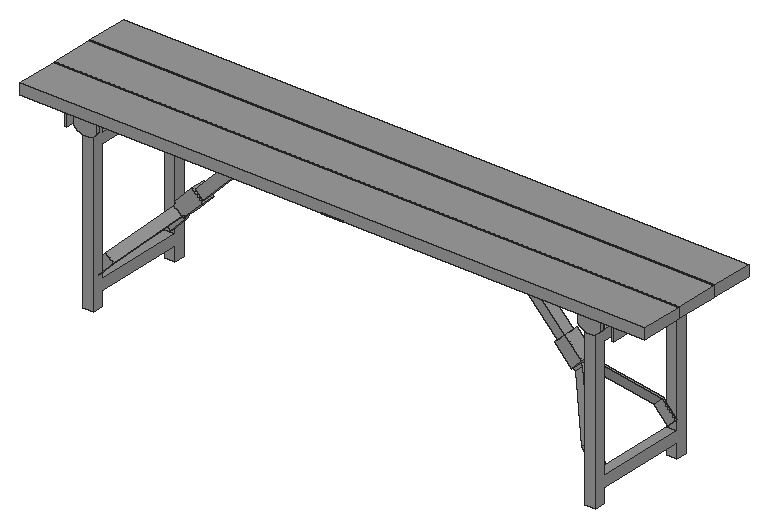
Revit family "Скамейка складная без спинки «Форбург» Арт 25625", category Антураж, Revit 2018
Family settings
  На основе рабочей плоскости = Нет
  Всегда вертикально = Да
  При загрузке вырезать с полостями = Нет
  Источник визуального образа = Геометрия семейства
  Общий = Нет
  Точка расчета площади = Нет
Parameters (values of type "Модель 1.5 м")
  Ширина = 310 mm  # constant formula
  Цвет сидения = Дерево
  Цвет каркаса = Сталь
  Описание = "Скамейка складная без спинки «Форбург»"  # constant formula
  Материал изделия = "Сталь, дерево"  # constant formula
  Изображение типоразмера = Скамейка складная без спинки «Форбург» Арт 25625.jpg
  Изготовитель = "ООО «Хоббика»"  # constant formula
  Длина = 1500 mm  # constant formula
  Группа модели = "Скамейки"  # constant formula
  Высота = 445 mm  # constant formula
  Артикул товара = "Арт. 25625"  # constant formula
  URL = "https://hobbyka.ru/product/skameyka_skladnaya_bez_spinki_forburg/"
Reference planes
  plane 1 "По центру (Вперед/Назад)": y = 0
  plane 2: z = 0
  plane 3 "По центру (Влево/Вправо)": x = 0
  plane 4: x = 1500
  plane 5: y = 310
  plane 6: z = 445
Forms (mm)
  Extrusion 1, solid, material "Дерево" <- "Цвет сидения"
    sketch origin (0, 0, 0) x (0, 1, 0) y (0, 0, 1)
      loop
        line (310, 445) -> (210, 445) -> (210, 420) -> (310, 420) -> (310, 445)
      loop
        line (205, 445) -> (105, 445) -> (105, 420) -> (205, 420) -> (205, 445)
      loop
        line (100, 445) -> (0, 445) -> (0, 420) -> (100, 420) -> (100, 445)
    from 0 to 1500
  Extrusion 2, solid, material "Сталь" <- "Цвет каркаса"
    sketch origin (-1.682, 0, 0) x (1, 0, 0) y (0, 0, 1)
      loop
        line (91.682, 375) -> (96.682, 375) -> (96.682, 415) -> (174.21, 415) -> (174.21, 420) -> (91.682, 420) -> (91.682, 375)
    from -20 to -290
  Extrusion 3, solid, material "Сталь" <- "Цвет каркаса"
    sketch origin (0, 0, 0) x (0, 1, 0) y (0, 0, 1)
      loop
        line (290, 0) -> (290, 415) -> (265, 415) -> (265, 375) -> (45, 375) -> (45, 415) -> (20, 415) -> (20, 0) -> (45, 0) -> (45, 35) -> (265, 35) -> (265, 0) -> (290, 0)
      loop
        line (265, 350) -> (45, 350) -> (45, 60) -> (265, 60) -> (265, 350)
    from 135 to 160
  Extrusion 4, solid, material "Сталь" <- "Цвет каркаса"
    sketch origin (0, 0, 0) x (1, 0, 0) y (0, 0, 1)
      loop
        line (117.528, 420) -> (117.528, 390)
        arc (117.528, 390) -> (145.028, 374.999) -> (172.528, 390) r 32.707
        line (172.528, 390) -> (172.528, 420) -> (117.528, 420)
    from -15 to -20
  Extrusion 5, solid, material "Сталь" <- "Цвет каркаса"
    sketch origin (0, 0, 0) x (1, 0, 0) y (0, 0, 1)
      loop
        line (117.528, 420) -> (117.528, 390)
        arc (117.528, 390) -> (145.028, 374.999) -> (172.528, 390) r 32.707
        line (172.528, 390) -> (172.528, 420) -> (117.528, 420)
    from -290 to -295
  Extrusion 6, solid, material "Сталь" <- "Цвет каркаса"
    sketch origin (300, 0, 0) x (1, 0, 0) y (0, 0, 1)
      loop
        line (117.528, 420) -> (117.528, 390)
        arc (117.528, 390) -> (145.028, 374.999) -> (172.528, 390) r 32.707
        line (172.528, 390) -> (172.528, 420) -> (117.528, 420)
    from -167.5 to -172.5
  Extrusion 7, solid, material "Сталь" <- "Цвет каркаса"
    sketch origin (300, 0, 0) x (1, 0, 0) y (0, 0, 1)
      loop
        line (117.528, 420) -> (117.528, 390)
        arc (117.528, 390) -> (145.028, 374.999) -> (172.528, 390) r 32.707
        line (172.528, 390) -> (172.528, 420) -> (117.528, 420)
    from -137.5 to -142.5
  Extrusion 8, solid, material "Сталь" <- "Цвет каркаса"
    sketch origin (0, 0, 0) x (1, 0, 0) y (0, 0, 1)
      loop
        line (445.028, 405) -> (306.075, 261.11) -> (323.755, 243.43) -> (462.708, 387.32) -> (445.028, 405)
    from -167.5 to -142.5
  Extrusion 9, solid, material "Сталь" <- "Цвет каркаса"
    sketch origin (4.614, 0, 4.778) x (1, 0, 0) y (0, 0, 1)
      loop
        line (297.925, 259.869) -> (256.239, 216.702) -> (280.992, 191.949) -> (322.678, 235.116) -> (297.925, 259.869)
    from -172.5 to -137.5
  Extrusion 10, solid, material "Сталь" <- "Цвет каркаса"
    sketch origin (39.273, 548.702, -137.534) x (0.694658, 0, 0.71934) y (0, 1, 0)
      loop
        line (226.088, -288.702) -> (274.542, -288.702) -> (403.23, -381.202) -> (412.088, -381.202) -> (412.088, -376.202) -> (404.776, -376.202) -> (276.088, -283.702) -> (226.088, -283.702) -> (226.088, -288.702)
      loop
        line (226.088, -498.702) -> (226.088, -503.702) -> (276.088, -503.702) -> (404.776, -411.202) -> (412.088, -411.202) -> (412.088, -406.202) -> (403.23, -406.202) -> (274.542, -498.702) -> (226.088, -498.702)
    from 60 to 85
  Extrusion 11, solid, material "Сталь" <- "Цвет каркаса"
    sketch origin (1501.682, 0, 0) x (-1, 0, 0) y (0, 0, -1)
      loop
        line (91.682, -375) -> (91.682, -420) -> (174.21, -420) -> (174.21, -415) -> (96.682, -415) -> (96.682, -375) -> (91.682, -375)
    from -20 to -290
  Extrusion 12, solid, material "Сталь" <- "Цвет каркаса"
    sketch origin (1500, 0, 0) x (0, 1, 0) y (0, 0, -1)
      loop
        line (290, 0) -> (265, 0) -> (265, -35) -> (45, -35) -> (45, 0) -> (20, 0) -> (20, -415) -> (45, -415) -> (45, -375) -> (265, -375) -> (265, -415) -> (290, -415) -> (290, 0)
      loop
        line (265, -350) -> (265, -60) -> (45, -60) -> (45, -350) -> (265, -350)
    from 135 to 160
  Extrusion 13, solid, material "Сталь" <- "Цвет каркаса"
    sketch origin (1500, 0, 0) x (-1, 0, 0) y (0, 0, -1)
      loop
        line (117.528, -420) -> (172.528, -420) -> (172.528, -390)
        arc (172.528, -390) -> (145.028, -374.999) -> (117.528, -390) r 32.707
        line (117.528, -390) -> (117.528, -420)
    from -15 to -20
  Extrusion 14, solid, material "Сталь" <- "Цвет каркаса"
    sketch origin (1500, 0, 0) x (-1, 0, 0) y (0, 0, -1)
      loop
        line (117.528, -420) -> (172.528, -420) -> (172.528, -390)
        arc (172.528, -390) -> (145.028, -374.999) -> (117.528, -390) r 32.707
        line (117.528, -390) -> (117.528, -420)
    from -290 to -295
  Extrusion 15, solid, material "Сталь" <- "Цвет каркаса"
    sketch origin (1200, 0, 0) x (-1, 0, 0) y (0, 0, -1)
      loop
        line (117.528, -420) -> (172.528, -420) -> (172.528, -390)
        arc (172.528, -390) -> (145.028, -374.999) -> (117.528, -390) r 32.707
        line (117.528, -390) -> (117.528, -420)
    from -167.5 to -172.5
  Extrusion 16, solid, material "Сталь" <- "Цвет каркаса"
    sketch origin (1200, 0, 0) x (-1, 0, 0) y (0, 0, -1)
      loop
        line (117.528, -420) -> (172.528, -420) -> (172.528, -390)
        arc (172.528, -390) -> (145.028, -374.999) -> (117.528, -390) r 32.707
        line (117.528, -390) -> (117.528, -420)
    from -137.5 to -142.5
  Extrusion 17, solid, material "Сталь" <- "Цвет каркаса"
    sketch origin (1500, 0, 0) x (-1, 0, 0) y (0, 0, -1)
      loop
        line (445.028, -405) -> (462.708, -387.32) -> (323.755, -243.43) -> (306.075, -261.11) -> (445.028, -405)
    from -167.5 to -142.5
  Extrusion 18, solid, material "Сталь" <- "Цвет каркаса"
    sketch origin (1495.386, 0, 4.778) x (-1, 0, 0) y (0, 0, -1)
      loop
        line (297.925, -259.869) -> (322.678, -235.116) -> (280.992, -191.949) -> (256.239, -216.702) -> (297.925, -259.869)
    from -172.5 to -137.5
  Extrusion 19, solid, material "Сталь" <- "Цвет каркаса"
    sketch origin (1460.727, 548.702, -137.534) x (-0.694658, 0, 0.71934) y (0, -1, 0)
      loop
        line (226.088, 288.702) -> (226.088, 283.702) -> (276.088, 283.702) -> (404.776, 376.202) -> (412.088, 376.202) -> (412.088, 381.202) -> (403.23, 381.202) -> (274.542, 288.702) -> (226.088, 288.702)
      loop
        line (226.088, 498.702) -> (274.542, 498.702) -> (403.23, 406.202) -> (412.088, 406.202) -> (412.088, 411.202) -> (404.776, 411.202) -> (276.088, 503.702) -> (226.088, 503.702) -> (226.088, 498.702)
    from 60 to 85
  Extrusion 20, solid, material "Сталь" <- "Цвет каркаса"
    sketch origin (0, 0, 0) x (1, 0, 0) y (0, 0, 1)
      loop
        line (725, 420) -> (725, 418) -> (775, 418) -> (775, 420) -> (725, 420)
    from 0 to -310
Cuts and joins
  joined: Extrusion 2, Extrusion 4, Extrusion 5
  joined: Extrusion 9, Extrusion 10
Dimensions and locks
  "Длина": plane 3 "По центру (Влево/Вправо)" to plane 4
  "Ширина": plane 5 to plane 1 "По центру (Вперед/Назад)"
  "Высота": plane 6 to level
  aligned and locked: level to plane 2
  aligned and locked: plane 4 to Extrusion 1
  aligned and locked: Extrusion 1 to plane 3 "По центру (Влево/Вправо)"
Automatic sketch dimensions
  Extrusion 1 sketch curve to plane 1 "По центру (Вперед/Назад)" = 0 mm
  Extrusion 1 sketch curve to plane 6 = 0 mm  (x3)
  Extrusion 1 sketch curve to plane 5 = 0 mm
  Extrusion 1 sketch curve to plane 6 = 25 mm  (x3)
  Extrusion 1 sketch curve to plane 1 "По центру (Вперед/Назад)" = 100 mm
  Extrusion 1 sketch curve to Extrusion 1 sketch curve = 5 mm  (x2)
  Extrusion 1 sketch curve to Extrusion 1 sketch curve = 100 mm
  plane 3 "По центру (Влево/Вправо)" to Extrusion 2 sketch curve = 90 mm
  Extrusion 2 sketch curve to Extrusion 2 sketch curve = 5 mm  (x2)
  Extrusion 2 sketch curve to plane 6 = 25 mm
  Extrusion 2 sketch curve to Extrusion 2 sketch curve = 77.528 mm
  Extrusion 2 sketch curve to Extrusion 2 sketch curve = 40 mm
  Extrusion 3 sketch curve to level = 0 mm  (x2)
  Extrusion 3 sketch curve to plane 1 "По центру (Вперед/Назад)" = 20 mm
  Extrusion 3 sketch curve to Extrusion 3 sketch curve = 25 mm  (x3)
  Extrusion 3 sketch curve to Extrusion 3 sketch curve = 0 mm  (x3)
  Extrusion 3 sketch curve to plane 5 = 45 mm  (x2)
  Extrusion 3 sketch curve to plane 5 = 20 mm
  level to Extrusion 3 sketch curve = 35 mm
  Extrusion 3 sketch curve to plane 6 = 95 mm
  Extrusion 3 sketch curve to plane 6 = 30 mm  (x2)
  Extrusion 4 sketch curve to plane 6 = 25 mm
  plane 3 "По центру (Влево/Вправо)" to Extrusion 4 sketch curve = 117.528 mm
  Extrusion 4 sketch curve to Extrusion 4 sketch curve = 27.5 mm  (x2)
  Extrusion 4 sketch curve to Extrusion 4 sketch curve = 12.294 mm
  Extrusion 4 sketch curve to Extrusion 4 sketch curve = 30 mm
  Extrusion 5 sketch curve to plane 6 = 25 mm
  plane 3 "По центру (Влево/Вправо)" to Extrusion 5 sketch curve = 117.528 mm
  Extrusion 5 sketch curve to Extrusion 5 sketch curve = 27.5 mm  (x2)
  Extrusion 5 sketch curve to Extrusion 5 sketch curve = 12.294 mm
  Extrusion 5 sketch curve to Extrusion 5 sketch curve = 30 mm
  Extrusion 6 sketch curve to plane 6 = 25 mm
  plane 3 "По центру (Влево/Вправо)" to Extrusion 6 sketch curve = 417.528 mm
  Extrusion 6 sketch curve to Extrusion 6 sketch curve = 27.5 mm  (x2)
  Extrusion 6 sketch curve to Extrusion 6 sketch curve = 12.294 mm
  Extrusion 6 sketch curve to Extrusion 6 sketch curve = 30 mm
  Extrusion 7 sketch curve to plane 6 = 25 mm
  plane 3 "По центру (Влево/Вправо)" to Extrusion 7 sketch curve = 417.528 mm
  Extrusion 7 sketch curve to Extrusion 7 sketch curve = 27.5 mm  (x2)
  Extrusion 7 sketch curve to Extrusion 7 sketch curve = 12.294 mm
  Extrusion 7 sketch curve to Extrusion 7 sketch curve = 30 mm
  plane 3 "По центру (Влево/Вправо)" to Extrusion 8 sketch curve = 306.075 mm
  Extrusion 8 sketch curve to Extrusion 8 sketch curve = 17.68 mm  (x3)
  Extrusion 8 sketch curve to plane 6 = 40 mm
  Extrusion 8 sketch curve to Extrusion 8 sketch curve = 138.953 mm
  Extrusion 8 sketch curve to plane 6 = 57.68 mm
  Extrusion 8 sketch curve to plane 6 = 183.89 mm
  plane 3 "По центру (Влево/Вправо)" to Extrusion 9 sketch curve = 260.853 mm
  Extrusion 9 sketch curve to Extrusion 9 sketch curve = 24.753 mm  (x4)
  Extrusion 9 sketch curve to Extrusion 9 sketch curve = 41.686 mm
  level to Extrusion 9 sketch curve = 196.727 mm
  Extrusion 9 sketch curve to Extrusion 9 sketch curve = 43.167 mm
  Extrusion 10 sketch curve to plane 5 = 50 mm
  Extrusion 10 sketch curve to plane 1 "По центру (Вперед/Назад)" = 50 mm
  Extrusion 10 sketch curve to Extrusion 10 sketch curve = 0 mm  (x2)
  Extrusion 10 sketch curve to Extrusion 10 sketch curve = 48.454 mm  (x2)
  Extrusion 10 sketch curve to plane 5 = 45 mm
  Extrusion 10 sketch curve to Extrusion 10 sketch curve = 1.546 mm  (x4)
  Extrusion 10 sketch curve to plane 1 "По центру (Вперед/Назад)" = 45 mm
  Extrusion 10 sketch curve to plane 1 "По центру (Вперед/Назад)" = 142.5 mm
  Extrusion 10 sketch curve to Extrusion 10 sketch curve = 128.688 mm
  Extrusion 10 sketch curve to plane 5 = 142.5 mm
  Extrusion 10 sketch curve to plane 1 "По центру (Вперед/Назад)" = 137.5 mm
  Extrusion 10 sketch curve to plane 5 = 137.5 mm
  Extrusion 10 sketch curve to Extrusion 10 sketch curve = 8.858 mm  (x2)
  plane 4 to Extrusion 11 sketch curve = 90 mm
  Extrusion 11 sketch curve to Extrusion 11 sketch curve = 5 mm  (x2)
  plane 6 to Extrusion 11 sketch curve = 25 mm
  Extrusion 11 sketch curve to Extrusion 11 sketch curve = 77.528 mm
  Extrusion 11 sketch curve to Extrusion 11 sketch curve = 40 mm
  Extrusion 12 sketch curve to level = 0 mm  (x2)
  Extrusion 12 sketch curve to plane 1 "По центру (Вперед/Назад)" = 20 mm
  Extrusion 12 sketch curve to Extrusion 12 sketch curve = 25 mm  (x3)
  Extrusion 12 sketch curve to Extrusion 12 sketch curve = 0 mm  (x3)
  Extrusion 12 sketch curve to plane 5 = 45 mm  (x2)
  Extrusion 12 sketch curve to plane 5 = 20 mm
  level to Extrusion 12 sketch curve = 35 mm
  Extrusion 12 sketch curve to plane 6 = 95 mm
  Extrusion 12 sketch curve to plane 6 = 30 mm  (x2)
  plane 6 to Extrusion 13 sketch curve = 25 mm
  plane 4 to Extrusion 13 sketch curve = 117.528 mm
  Extrusion 13 sketch curve to Extrusion 13 sketch curve = 27.5 mm  (x2)
  Extrusion 13 sketch curve to Extrusion 13 sketch curve = 12.294 mm
  Extrusion 13 sketch curve to Extrusion 13 sketch curve = 30 mm
  plane 6 to Extrusion 14 sketch curve = 25 mm
  plane 4 to Extrusion 14 sketch curve = 117.528 mm
  Extrusion 14 sketch curve to Extrusion 14 sketch curve = 27.5 mm  (x2)
  Extrusion 14 sketch curve to Extrusion 14 sketch curve = 12.294 mm
  Extrusion 14 sketch curve to Extrusion 14 sketch curve = 30 mm
  plane 6 to Extrusion 15 sketch curve = 25 mm
  plane 4 to Extrusion 15 sketch curve = 417.528 mm
  Extrusion 15 sketch curve to Extrusion 15 sketch curve = 27.5 mm  (x2)
  Extrusion 15 sketch curve to Extrusion 15 sketch curve = 12.294 mm
  Extrusion 15 sketch curve to Extrusion 15 sketch curve = 30 mm
  plane 6 to Extrusion 16 sketch curve = 25 mm
  plane 4 to Extrusion 16 sketch curve = 417.528 mm
  Extrusion 16 sketch curve to Extrusion 16 sketch curve = 27.5 mm  (x2)
  Extrusion 16 sketch curve to Extrusion 16 sketch curve = 12.294 mm
  Extrusion 16 sketch curve to Extrusion 16 sketch curve = 30 mm
  plane 4 to Extrusion 17 sketch curve = 306.075 mm
  Extrusion 17 sketch curve to Extrusion 17 sketch curve = 17.68 mm  (x3)
  plane 6 to Extrusion 17 sketch curve = 40 mm
  Extrusion 17 sketch curve to Extrusion 17 sketch curve = 138.953 mm
  plane 6 to Extrusion 17 sketch curve = 57.68 mm
  plane 6 to Extrusion 17 sketch curve = 183.89 mm
  plane 4 to Extrusion 18 sketch curve = 260.853 mm
  Extrusion 18 sketch curve to Extrusion 18 sketch curve = 24.753 mm  (x4)
  Extrusion 18 sketch curve to Extrusion 18 sketch curve = 41.686 mm
  Extrusion 18 sketch curve to level = 196.727 mm
  Extrusion 18 sketch curve to Extrusion 18 sketch curve = 43.167 mm
  Extrusion 19 sketch curve to plane 5 = 50 mm
  Extrusion 19 sketch curve to plane 1 "По центру (Вперед/Назад)" = 50 mm
  Extrusion 19 sketch curve to Extrusion 19 sketch curve = 0 mm  (x2)
  Extrusion 19 sketch curve to Extrusion 19 sketch curve = 48.454 mm  (x2)
  Extrusion 19 sketch curve to plane 5 = 45 mm
  Extrusion 19 sketch curve to Extrusion 19 sketch curve = 1.546 mm  (x4)
  Extrusion 19 sketch curve to plane 1 "По центру (Вперед/Назад)" = 45 mm
  Extrusion 19 sketch curve to plane 1 "По центру (Вперед/Назад)" = 142.5 mm
  Extrusion 19 sketch curve to Extrusion 19 sketch curve = 128.688 mm
  Extrusion 19 sketch curve to plane 5 = 142.5 mm
  Extrusion 19 sketch curve to plane 1 "По центру (Вперед/Назад)" = 137.5 mm
  Extrusion 19 sketch curve to plane 5 = 137.5 mm
  Extrusion 19 sketch curve to Extrusion 19 sketch curve = 8.858 mm  (x2)
  Extrusion 20 sketch curve to plane 6 = 27 mm
  plane 3 "По центру (Влево/Вправо)" to Extrusion 20 sketch curve = 725 mm
  Extrusion 20 sketch curve to Extrusion 20 sketch curve = 50 mm
  Extrusion 20 sketch curve to Extrusion 20 sketch curve = 2 mm
